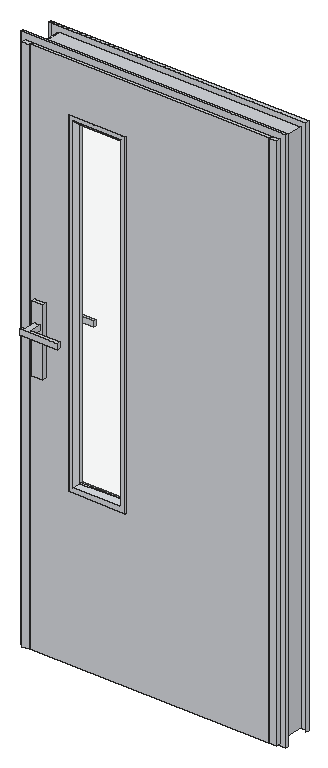
Revit family "Enduro_3", category Drzwi, Revit 2016
Family settings
  Obiekt nadrzędny = Ściana
  Zawsze pionowo = Tak
  Tnij formami wycięć po wczytaniu = Nie
  Współdzielony = Nie
  Punkt obliczania pomieszczeń = Nie
Parameters (values of type "PN 90")
  Wysokość = 2055 mm
  Zakończenie ściany = Wg obiektu nadrzędnego
  URL = "www.porta.com.pl"
  Szerokość = 985 mm
  Ss = 952 mm
  Sb = 964 mm
  Producent = "PORTA KMI POLAND"  # constant formula
  Description = ""
  Materiał_skrzydło [instance] = none
  Materiał_ramiak_stal [instance] = none
  Materiał_ościeżnica [instance] = none
  Materiał_klamka [instance] = none
  Konstrukcja analityczna = "<Brak>"
  Informacja = "Własność Porta KMI Poland, wszelkie prawa zastrzeżone."  # constant formula
  Hs = 2030 mm
  Funkcja = Wewnętrzna
Types (5, lengths in mm): name | Szerokość | Ss | Sb
  PN 60 | 675 | 644 | 656
  PN 70 | 775 | 744 | 756
  PN 80 | 875 | 844 | 856
  PN 90 | 985 | 952 | 964
  PN 100 | 1075 | 1044 | 1056
Reference planes
  plane 1: y = 0
  plane 2 "Środek (Lewa/Prawa)": x = 0
  plane 3 "Lewy": x = -492.5
  plane 4 "Prawy": x = 492.5
  plane 5: z = 2055
  plane 6 "Zewnętrzna": y = 75
  plane 7 "Wewnętrzna": y = -75
  plane 8 "skrzydło": y = -61.695
Forms (mm)
  Sweep 1, solid, material <- "Materiał_ościeżnica"
    path in 3D
      loop
        line (-492.5, -75, 0) -> (-492.5, -75, 2055) -> (492.5, -75, 2055) -> (492.5, -75, 0)
    profile origin (-492.5, -75, 1027.5) x (0, -1, 0) y (1, 0, 0)
      loop
        line (-14.005, 25.5) -> (-14.005, 40.5) -> (-115, 40.5) -> (-115, 10.5) -> (-105, 10.5) -> (-105, 11.7) -> (-113.8, 11.7) -> (-113.8, 39.3) -> (-30.705, 39.3) -> (-30.705, 24.3) -> (8.8, 24.3) -> (8.8, -3.3) -> (0, -3.3) -> (0, -4.5) -> (10, -4.5) -> (10, 25.5) -> (-14.005, 25.5)
Lines and regions (mm)
  Opening 1
    outline origin (-3050, -75, 0) x (1, 0, 0) y (0, 0, 1)
      loop
        line (2557.5, 0) -> (3542.5, 0) -> (3542.5, 2055) -> (2557.5, 2055) -> (2557.5, 0)
  symbolic lines, style "DoorsPanelProjection"
    curve 1: line (476, -75, 0) -> (476, -1027, 0)
    curve 2: line (476, -1027, 0) -> (436, -1027, 0)
    curve 3: line (436, -1027, 0) -> (436, -75, 0)
    curve 4: line (436, -75, 0) -> (476, -75, 0)
  symbolic lines, style "Plan Swing"
    curve 5: arc (-476, -75, 0) -> (-197.166, -748.166, 0) -> (476, -1027, 0) r 952
  sketch lines
    curve 6: line (-492.5, -75, 0) -> (-492.5, -75, 2055)
    curve 7: line (-492.5, -75, 2055) -> (492.5, -75, 2055)
    curve 8: line (492.5, -75, 2055) -> (492.5, -75, 0)
Text (mm)
  text "Zewnętrzna" at (-2295.016, 1099.543, 0), in view "Poziom odniesienia"
  text "Zewnętrzna" at (0, 1615.38, 3698.081), in view "Lewy"
  text "Zewnętrzna" at (0, 1036.032, 3874.932), in view "Prawy"
Dimensions and locks
  equal spacing: plane 3 "Lewy", plane 2 "Środek (Lewa/Prawa)", plane 4 "Prawy"
  "Szerokość": plane 3 "Lewy" to plane 4 "Prawy"
  "Wysokość": plane 5 to host wall
  host wall to plane 5 = 2055 mm  (x2)
  locked: plane 6 "Zewnętrzna" to host wall at 0
  locked: plane 7 "Wewnętrzna" to host wall
  "Ss": curve 2 to plane 7 "Wewnętrzna"
  locked: curve 3 to curve 1 at 40
  equal spacing: curve 5, plane 2 "Środek (Lewa/Prawa)", curve 1
  locked: plane 7 "Wewnętrzna" to plane 8 "skrzydło" at 13.305
  locked: Sweep 1 sketch curve to Sweep 1 sketch curve at 30
  locked: Sweep 1 sketch curve to Sweep 1 sketch curve at 15  (x2)
  "Sb": Sweep 1 to Sweep 1
  equal spacing: nested 1, nested 1, nested 1
  locked: nested 1 to level at 8
  aligned and locked: plane 3 "Lewy" to Opening 1 sketch curve
  aligned and locked: plane 5 to Opening 1 sketch curve  (x2)
  aligned and locked: Opening 1 sketch curve to plane 4 "Prawy"
  aligned and locked: Opening 1 sketch curve to level
  aligned and locked: plane 1 to host wall
  aligned and locked: Sweep 1 sketch curve to plane 7 "Wewnętrzna"
  aligned and locked: plane 8 "skrzydło" to nested 1
Automatic sketch dimensions
  curve 3 to host wall = 0 mm
  curve 5 to host wall = 0 mm
  profile plane to Sweep 1 sketch curve = 115 mm
  Sweep 1 sketch curve to profile plane = 4.5 mm
  Sweep 1 sketch curve to Sweep 1 sketch curve = 1.2 mm  (x6)
  Sweep 1 sketch curve to Sweep 1 sketch curve = 10 mm
  Sweep 1 sketch curve to Sweep 1 sketch curve = 16.7 mm
  profile plane to Sweep 1 sketch curve = 30.705 mm
  Sweep 1 sketch curve to Sweep 1 sketch curve = 8.8 mm
Nested families
  nested 1: "Enduro_wzór_3" at (0, -61.695, 0), Materiał_skrzydło_płyta <- "Materiał_skrzydło", Materiał_ramiak_stal <- "Materiał_ramiak_stal", Materiał_klamka <- "Materiał_klamka", type "Enduro_wzór_3"
    with Materiał_skrzydło_płyta none, Materiał_ramiak_stal none, Materiał_klamka none
Definition of nested family "Enduro_wzór_3"
  Parameters
    Ss = 952 mm
    Materiał_skrzydło_płyta [instance] = none
    Materiał_ramiak_stal [instance] = none
    Materiał_klamka [instance] = none
    Hs = 2030 mm
  Reference planes
    plane 1 "Tył": y = 0
    plane 2: z = 0
    plane 3 "Środek (Lewa/Prawa)": x = 0
    plane 4 "Lewa": x = -476
    plane 5 "Prawa": x = 476
    plane 6 "Przód": y = -40.5
    plane 7: z = 2038
    plane 8 "Centrum": y = -20.25
    plane 9: x = -449
    plane 10: z = 8
    plane 11: x = 449
    plane 12: x = -302
    plane 13: x = -90
    plane 14: z = 1854
    plane 15: z = 590
  Forms (mm)
    Sweep 1, solid, material <- "Materiał_ramiak_stal"
      path origin (0, -20.25, 0) x (-1, 0, 0) y (0, 0, 1)
        loop
          line (449, 2025) -> (449, 8)
      profile "Profil_rama : Profil_rama" origin (-449, -20.25, 1016.5) x (-1, 0, 0) y (0, 1, 0)
        loop
          line (14, 20.9) -> (0, 20.9) -> (0, -5.6) -> (14, -5.6) -> (14, 20.9)
    Sweep 2, solid, material <- "Materiał_ramiak_stal"
      path origin (0, -20.25, 0) x (-1, 0, 0) y (0, 0, 1)
        loop
          line (449, 2038) -> (449, 8)
      profile "Profil_rama_przylga : Profil_rama_przylga" origin (-449, -20.25, 1023) x (-1, 0, 0) y (0, 1, 0)
        loop
          line (27, -5.6) -> (0, -5.6) -> (0, -20.9) -> (27, -20.9) -> (27, -5.6)
    Sweep 3, solid, material <- "Materiał_ramiak_stal"
      path origin (0, -20.25, 0) x (1, 0, 0) y (0, 0, 1)
        loop
          line (449, 2025) -> (449, 8)
      profile "Profil_rama : Profil_rama" origin (449, -20.25, 1016.5) x (-1, 0, 0) y (0, 1, 0)
        loop
          line (-14, 20.9) -> (-14, -5.6) -> (0, -5.6) -> (0, 20.9) -> (-14, 20.9)
    Sweep 4, solid, material <- "Materiał_ramiak_stal"
      path origin (0, -20.25, 0) x (1, 0, 0) y (0, 0, 1)
        loop
          line (449, 2038) -> (449, 8)
      profile "Profil_rama_przylga : Profil_rama_przylga" origin (449, -20.25, 1023) x (-1, 0, 0) y (0, 1, 0)
        loop
          line (-27, -5.6) -> (-27, -20.9) -> (0, -20.9) -> (0, -5.6) -> (-27, -5.6)
    Extrusion 5, solid, material <- "Materiał_skrzydło_płyta"
      sketch origin (0, 0, 0) x (1, 0, 0) y (0, 0, 1)
        loop
          line (-449, 2025) -> (-449, 8) -> (449, 8) -> (449, 2025) -> (-449, 2025)
        loop
          line (-302, 1854) -> (-302, 590) -> (-90, 590) -> (-90, 1854) -> (-302, 1854)
      from 0 to 25.85
    Extrusion 6, solid, material <- "Materiał_skrzydło_płyta"
      sketch origin (0, -40.5, 0) x (-1, 0, 0) y (0, 0, 1)
        loop
          line (449, 2038) -> (-449, 2038) -> (-449, 8) -> (449, 8) -> (449, 2038)
        loop
          line (302, 590) -> (302, 1854) -> (90, 1854) -> (90, 590) -> (302, 590)
      from 0 to 14.65
    Sweep 7, solid, material <- "Materiał_ramiak_stal"
      path origin (0, -20.25, 0) x (-1, 0, 0) y (0, 0, 1)
        loop
          line (302, 1854) -> (90, 1854) -> (90, 590) -> (302, 590) -> (302, 1854)
      profile "Profil_ramka_wewnętrzna : Profil_ramka_wewnętrzna" origin (-302, -20.25, 1222) x (-1, 0, 0) y (0, 1, 0)
        loop
          line (0, -21.053) -> (0, 21.053) -> (-15.997, 21.053) -> (-30.001, 4.943) -> (-30.001, -4.943) -> (-15.997, -21.053) -> (0, -21.053)
    Extrusion 8, solid
      sketch origin (0, -20.25, 0) x (-1, 0, 0) y (0, 0, 1)
        loop
          line (271.999, 1823.999) -> (120.001, 1823.999) -> (120.001, 620.001) -> (271.999, 620.001) -> (271.999, 1823.999)
      from 4.3 to -4.3
  Lines and regions (mm)
    symbolic lines
      curve 1: line (-476, -40.5, 8) -> (-476, -40.5, 2038)
      curve 2: line (-476, -40.5, 2038) -> (476, -40.5, 2038)
      curve 3: line (476, -40.5, 2038) -> (476, -40.5, 8)
      curve 4: line (476, -40.5, 8) -> (-476, -40.5, 8)
      curve 5: line (-449, -40.5, 8) -> (-449, -40.5, 2038)
      curve 6: line (449, -40.5, 2038) -> (449, -40.5, 8)
      curve 7: line (-302, -40.5, 1854) -> (-90, -40.5, 1854)
      curve 8: line (-302, -40.5, 590) -> (-302, -40.5, 1854)
      curve 9: line (-90, -40.5, 590) -> (-302, -40.5, 590)
      curve 10: line (-90, -40.5, 1854) -> (-90, -40.5, 590)
      curve 11: line (-271.999, -40.5, 620.001) -> (-271.999, -40.5, 1823.999)
      curve 12: line (-271.999, -40.5, 1823.999) -> (-120.001, -40.5, 1823.999)
      curve 13: line (-120.001, -40.5, 1823.999) -> (-120.001, -40.5, 620.001)
      curve 14: line (-120.001, -40.5, 620.001) -> (-271.999, -40.5, 620.001)
  Dimensions and locks
    equal spacing: plane 4 "Lewa", plane 3 "Środek (Lewa/Prawa)", plane 5 "Prawa"
    "Ss": plane 4 "Lewa" to plane 5 "Prawa"
    equal spacing: plane 1 "Tył", plane 8 "Centrum", plane 6 "Przód"
    locked: plane 4 "Lewa" to plane 9 at 27
    locked: plane 10 to level at 8
    "Hs": plane 7 to plane 10
    locked: plane 5 "Prawa" to plane 11 at 27
    locked: plane 9 to nested 1 at 20.956
    locked: nested 1 to plane 10 at 933.008
    locked: nested 3 to Extrusion 5 at 20.956
    locked: plane 10 to nested 3 at 933.008
    locked: plane 12 to plane 9 at 147
    locked: plane 13 to plane 12 at 212
    locked: plane 14 to plane 15 at 1264
    aligned and locked: Sweep 1 sketch curve to plane 9
    aligned and locked: plane 10 to Sweep 1 sketch curve
    aligned and locked: plane 9 to Sweep 2 sketch curve
    aligned and locked: plane 7 to Sweep 2 sketch curve
    aligned and locked: plane 10 to Sweep 2 sketch curve
    aligned and locked: plane 11 to Sweep 3 sketch curve
    aligned and locked: Sweep 4 sketch curve to plane 11
    aligned and locked: plane 9 to Extrusion 5 sketch curve
    aligned and locked: Extrusion 5 sketch curve to plane 11
    aligned and locked: plane 10 to Extrusion 5 sketch curve
    aligned and locked: Extrusion 5 to Sweep 2
    aligned and locked: Extrusion 6 sketch curve to plane 9
    aligned and locked: plane 11 to Extrusion 6 sketch curve
    aligned and locked: Extrusion 6 sketch curve to plane 10
    aligned and locked: Extrusion 6 sketch curve to plane 7
    aligned and locked: Extrusion 6 to Extrusion 5
    aligned and locked: Extrusion 8 sketch curve to Sweep 7  (x4)
    aligned and locked: nested 1 to plane 6 "Przód"
    aligned and locked: curve 1 to Sweep 2
    aligned and locked: curve 2 to Extrusion 6
    aligned and locked: curve 3 to Sweep 4
    aligned and locked: curve 4 to Extrusion 6
    aligned and locked: curve 5 to Extrusion 6
    aligned and locked: curve 6 to Extrusion 6
    aligned and locked: plane 3 "Środek (Lewa/Prawa)" to nested 2
    aligned and locked: plane 14 to Sweep 7 sketch curve
    aligned and locked: Sweep 7 sketch curve to plane 15
    aligned and locked: plane 13 to Sweep 7 sketch curve
    aligned and locked: Sweep 7 sketch curve to plane 12
    aligned and locked: plane 12 to curve 8
    aligned and locked: plane 15 to curve 9
    aligned and locked: curve 7 to plane 14
    aligned and locked: curve 10 to plane 13
    aligned and locked: curve 11 to Extrusion 8
    aligned and locked: curve 12 to Extrusion 8
    aligned and locked: curve 13 to Extrusion 8
    aligned and locked: curve 14 to Extrusion 8
    aligned and locked: plane 12 to Extrusion 6 sketch curve
    aligned and locked: Extrusion 6 sketch curve to plane 13
    aligned and locked: Extrusion 6 sketch curve to plane 14
    aligned and locked: plane 15 to Extrusion 6 sketch curve
    aligned and locked: Extrusion 5 sketch curve to plane 14
    aligned and locked: Extrusion 5 sketch curve to plane 13
    aligned and locked: Extrusion 5 sketch curve to plane 12
    aligned and locked: Extrusion 5 sketch curve to plane 15
  Automatic sketch dimensions
    Sweep 1 sketch curve to plane 7 = 13 mm
    Sweep 3 sketch curve to plane 10 = 0 mm
    plane 7 to Sweep 3 sketch curve = 13 mm
    Sweep 4 sketch curve to plane 10 = 0 mm
    Sweep 4 sketch curve to plane 7 = 0 mm
    Extrusion 5 sketch curve to plane 7 = 13 mm
    curve 6 to plane 7 = 0 mm
    curve 6 to plane 11 = 0 mm
    curve 5 to plane 9 = 0 mm
    curve 1 to plane 10 = 0 mm
    curve 12 to plane 13 = 30.001 mm
    plane 12 to curve 11 = 30.001 mm
    plane 15 to curve 11 = 30.001 mm
    curve 12 to plane 14 = 30.001 mm
  Nested families
    nested 1: "KLAMKA" at (-408.044, -40.5, 1066.008), Materiał klamki <- "Materiał_klamka", type "KLAMKA"
      with Materiał klamki none
    nested 2: "logo_porta" at (0, 0, 110) x (1, 0, 0) z (0, -1, 0), type "logo_porta"
    nested 3: "KLAMKA" at (-408.044, 0, 1066.008), Materiał klamki <- "Materiał_klamka", type "KLAMKA"
      with Materiał klamki none
  Definition of nested family "KLAMKA"
    Parameters
      Materiał klamki [instance] = none
      Assembly Code = ""
      Default Elevation = 1219.2 mm
    Reference planes
      plane 1 "Center (Front/Back)": y = 0
      plane 2: z = 0
      plane 3 "Center (Left/Right)": x = 0
      plane 4: z = 125
      plane 5: z = -125
      plane 6: x = 20
      plane 7: x = -20
      plane 8: y = -70
      plane 9: y = -60
      plane 10: x = 10
      plane 11: x = -10
      plane 12: x = 120
      plane 13: z = 35
      plane 14: z = 55
      plane 15: y = -15
    Forms (mm)
      Extrusion 1, solid, material <- "Materiał klamki"
        sketch origin (0, 0, 0) x (1, 0, 0) y (0, 0, 1)
          loop
            line (-20, 125) -> (-20, -125) -> (20, -125) -> (20, 125) -> (-20, 125)
        from 0 to 15
      Extrusion 2, solid, material <- "Materiał klamki"
        sketch origin (0, 0, 0) x (1, 0, 0) y (0, 1, 0)
          loop
            line (-10, -15) -> (-10, -60) -> (-20, -60) -> (-20, -70) -> (120, -70) -> (120, -60) -> (10, -60) -> (10, -15) -> (-10, -15)
        from 35 to 55
    Dimensions and locks
      equal spacing: plane 4, plane 2, plane 5
      plane 4 to plane 5 = 250 mm
      equal spacing: plane 7, plane 3 "Center (Left/Right)", plane 6
      plane 7 to plane 6 = 40 mm
      plane 8 to plane 1 "Center (Front/Back)" = 70 mm
      plane 11 to plane 3 "Center (Left/Right)" to plane 10 = 10 mm locked, 10 mm locked
      plane 7 to plane 12 = 140 mm
      plane 15 to plane 1 "Center (Front/Back)" = 15 mm
      aligned and locked: plane 7 to Extrusion 1 sketch curve
      aligned and locked: Extrusion 1 sketch curve to plane 4
      aligned and locked: plane 5 to Extrusion 1 sketch curve
      aligned and locked: Extrusion 1 sketch curve to plane 6
      aligned and locked: plane 15 to Extrusion 1
      aligned and locked: Extrusion 1 to plane 1 "Center (Front/Back)"
      aligned and locked: plane 14 to Extrusion 2
      aligned and locked: Extrusion 2 to plane 13
    Automatic sketch dimensions
      Extrusion 2 sketch curve to plane 7 = 0 mm
      Extrusion 2 sketch curve to plane 9 = 0 mm  (x2)
      Extrusion 2 sketch curve to plane 11 = 0 mm
      Extrusion 2 sketch curve to plane 10 = 0 mm
      Extrusion 2 sketch curve to plane 12 = 0 mm
      Extrusion 2 sketch curve to plane 8 = 0 mm
      Extrusion 2 sketch curve to plane 15 = 0 mm
  Definition of nested family "logo_porta"
    Reference planes
      plane 1 "Środek (Przód/Tył)": y = 0
      plane 2: z = 0
      plane 3 "Środek (Lewa/Prawa)": x = 0
